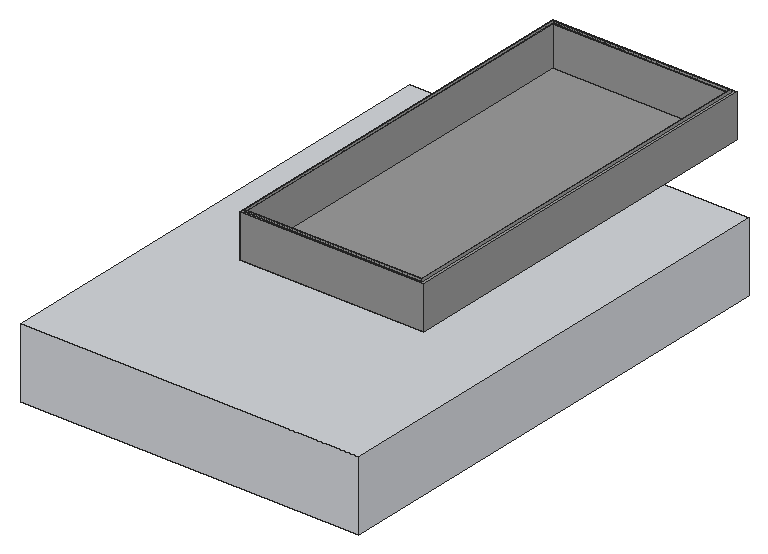
Revit family "Hager-Univers-IP30-D205-H1700-Cl.II-Encl-CH-fr", category Equipement électrique, Revit 2020
Family settings
  Hôte = Face
  Configuration du panneau = Deux colonnes, circuits au sein
  Cote de connecteur circulaire = Utiliser le diamètre
  Type d'élément = Tableau de raccordement
  Couper avec des vides une fois chargée = Non
  Partagée = Non
  Point de calcul de pièce = Non
Parameters (values of type "saillie IP30 L800 H1700 P205  - FP13S1N")
  Width Control [instance] = if([EF000008 - largeur] > Min Width, [EF000008 - largeur], Min Width)  # 800 mm
  Commentaires du type = [HG000003 - Gamme]  # "Univers"
  Thickness Door [instance] = if([EF009171 - épaisseur de matériau de la porte/du couvercle] > 3 mm, 3 mm, [EF009171 - épaisseur de matériau de la porte/du couvercle])  # 1 mm
  Seal Frame Offset [instance] = 17 mm  # constant formula
  Plinth Visibility [instance] = [HG000027 - Hauteur du socle] > 0 mm  # no
  Model = ""
  Min Width [instance] = 100 mm  # constant formula
  Min Height [instance] = 100 mm  # constant formula
  Min Depth [instance] = (2 * [EF009170 - épaisseur de matériau du boîtier]) + 1 mm  # 3 mm
  Internal Frame Depth [instance] = (Door System Depth * 0.5)  # 9 mm
  Height Control [instance] = if([EF000040 - hauteur] > Min Height, [EF000040 - hauteur], Min Height)  # 1700 mm
  HG000027 - Hauteur du socle = 0 mm
  HG000026 - Installation au sol = no
  HG000024 - Hauteur de la section basse = 800 mm
  HG000023 - Armoire double section = no
  HG000016 - Visibilité de la porte 3D [instance] = yes
  HG000015 - Visibilité de l'emprise de la porte [instance] = no
  HG000014 - Porte à droite [instance] = yes
  HG000013 - Porte à gauche [instance] = not([HG000014 - Porte à droite])  # no
  HG000012 - Angle de pivotement de la porte [instance] = 30.00°
  HG000010 - Portes asymétriques = no
  HG000009 - Porte à double battant = no
  HG000006 - Encastré = no
  HG000004 - Référence fabricant = "FP13S1N"
  HG000003 - Gamme = "Univers"
  HG000002 - avec porte = no
  Frame Offset Bottom [instance] = 10 mm  # constant formula
  Frame Offset [instance] = 15 mm  # constant formula
  EF015940 - couvercle avec décharge de pression = no
  EF011959 - degré de protection (NEMA) = ""
  EF009554 - nombre d'ouvertures pour plaques à bride = 6
  Fabricant = "Hager"  # constant formula
  EF009212 - finition du couvercle = "EV009916 - avec échancrure"
  EF009171 - épaisseur de matériau de la porte/du couvercle = 1 mm
  EF009170 - épaisseur de matériau du boîtier = 1 mm
  EF008873 - courant nominal (In) = 400 A
  EF007800 - adapté à un parafoudre = no
  EF006306 - avec serrure = no
  EF006244 - couvercle/porte transparent(e) = no
  EF005474 - indice de protection (IP) = "EV006410 - IP30"
  EF004464 - type de porte = "EV000494 - sans"
  EF004427 - nombre de modules = 396
  EF004293 - indice de protection contre les chocs (IK) = "EV006813 - IK07"
  EF003532 - convient pour utilisation à l’extérieur = no
  EF002950 - largeur en nombre de modules = 36
  EF001613 - maintien de fonction = "EV000494 - sans"
  EF001596 - matériau du boîtier/corps = "EV000179 - acier"
  EF001131 - profondeur intérieure = 130 mm
  EF001088 - possibilité de montage en saillie = yes
  EF000437 - nombre d'entrées de conduit = 6
  EF000339 - type de capot = "EV000494 - sans"
  EF000266 - nombre de rangées = 11
  EF000218 - profondeur d'encastrement = 205 mm
  EF000118 - avec cadre/support de montage = no
  EF000116 - numéro RAL = "9010"
  EF000049 - profondeur = 205 mm
  EF000040 - hauteur = 1700 mm
  EF000008 - largeur = 800 mm
  EF000007 - couleur = "EV000202 - blanc"
  EF000003 - mode de pose = "EV000384 - saillie"
  Door System Leaf Tolerance [instance] = 1.5 mm  # constant formula
  Door System Depth [instance] = 18 mm  # constant formula
  Door Height [instance] = Height Control - [HG000027 - Hauteur du socle]  # 1700 mm
  Depth Control [instance] = if([EF000049 - profondeur] > Min Depth, [EF000049 - profondeur], Min Depth)  # 205 mm
  Default Elevation = 0 mm
  Connector Offset [instance] = Height Control / 2  # 850 mm
  Bottom Top Plate Trim [instance] = 1.5 mm  # constant formula
  Plinth height Ctrl [instance] = if([HG000027 - Hauteur du socle] > 0 mm, [HG000027 - Hauteur du socle], 12 mm)  # 12 mm
Types (5, lengths in mm): name | Width Control | HG000004 - Référence fabricant | EF009554 - nombre d'ouvertures pour plaques à bride | EF008873 - courant nominal (In) | EF004427 - nombre de modules | EF002950 - largeur en nombre de modules | EF000437 - nombre d'entrées de conduit | EF000008 - largeur
  saillie IP30 L1050 H1700 P205  - FP14S1N | 1050 | "FP14S1N" | 8 | 400 A | 528 | 48 | 8 | 1050
  saillie IP30 L1300 H1700 P205  - FP15S1N | 1300 | "FP15S1N" | 10 | 400 A | 660 | 60 | 10 | 1300
  saillie IP30 L300 H1700 P205  - FP11S1N | 300 | "FP11S1N" | 2 | 250 A | 132 | 12 | 2 | 300
  saillie IP30 L550 H1700 P205  - FP12S1N | 550 | "FP12S1N" | 4 | 250 A | 264 | 24 | 4 | 550
  saillie IP30 L800 H1700 P205  - FP13S1N | 800 | "FP13S1N" | 6 | 400 A | 396 | 36 | 6 | 800
Reference planes
  plane 1 "Center (Front/Back)": y = 0
  plane 2: z = 0
  plane 3 "Center (Left/Right)": x = 0
  plane 4: z = 205
  plane 5: y = 1
  plane 6: y = 850
  plane 7: y = 0
  plane 8: y = 1700
  plane 9: z = 0
  plane 10: x = -385
  plane 11: x = 385
  plane 12: x = 384
  plane 13: x = -384
  plane 14: y = 1699
  plane 15: x = -383
  plane 16: x = -400
  plane 17: x = 383
  plane 18: x = 400
  plane 19: x = 399
  plane 20: x = -399
  plane 21: y = 11
  plane 22: y = 1700
  plane 23: y = 1684
  plane 24: z = 187
  plane 25: z = 1
  plane 26: z = 186
  plane 27: z = 204
Forms (mm)
  Extrusion 1, solid
    sketch origin (0, 0, 0) x (1, 0, 0) y (0, 1, 0)
      loop
        line (-702.964, 1305) -> (-702.964, -811.445) -> (766.763, -811.445) -> (766.763, 1305) -> (-702.964, 1305)
    from 0 to -304.8
  Extrusion 2, solid, material "Hager_Steel_RAL7035_Light_Grey", visible <- "Plinth Visibility", detail levels medium+fine
    sketch origin (0, 0, 0) x (1, 0, 0) y (0, 1, 0)
      loop
        line (-400, 0) -> (400, 0) -> (400, 12) -> (-400, 12) -> (-400, 0)
    from 0 to 187
  Extrusion 3, solid, material "Hager_Steel_RAL7035_Light_Grey", detail levels medium+fine
    sketch origin (0, 0, 0) x (1, 0, 0) y (0, 1, 0)
      loop
        line (-400, 0) -> (400, 0) -> (400, 1700) -> (-400, 1700) -> (-400, 0)
    from 0 to 187
  Extrusion 4, void
    sketch origin (0, 0, 0) x (1, 0, 0) y (0, 1, 0)
      loop
        line (-399, 1) -> (399, 1) -> (399, 1699) -> (-399, 1699) -> (-399, 1)
    from 1 to 186
  Extrusion 5, void
    sketch origin (-381.607, -4572, 187) x (0, -1, 0) y (-1, 0, 0)
      loop
        line (-4583, 2.393) -> (-6256, 2.393) -> (-6256, -765.607) -> (-4583, -765.607) -> (-4583, 2.393)
    from 0 to 1 <- "EF009170 - épaisseur de matériau du boîtier"
  Extrusion 6, solid, material "Hager_Steel_RAL7035_Light_Grey", detail levels fine
    sketch origin (0, 0, 187) x (1, 0, 0) y (0, 1, 0)
      loop
        line (-384, 1684) -> (-384, 11) -> (384, 11) -> (384, 1684) -> (-384, 1684)
      loop
        line (-385, 10) -> (385, 10) -> (385, 1685) -> (-385, 1685) -> (-385, 10)
    from 0 to 9 <- "Internal Frame Depth"
  Extrusion 7, solid, material "Hager_Steel_RAL7035_Light_Grey", detail levels coarse
    sketch origin (0, 0, 0) x (1, 0, 0) y (0, 1, 0)
      loop
        line (-400, 0) -> (400, 0) -> (400, 1700) -> (-400, 1700) -> (-400, 0)
    from 0 to 205
  Sweep 8, void
    path in 3D
      loop
        line (-400, 12, 0) -> (400, 12, 0) -> (400, 12, 187) -> (-400, 12, 187) -> (-400, 12, 0)
    profile origin (-400, 12, 93.5) x (-1, 0, 0) y (0, -1, 0)
      loop
        line (0, 0) -> (0, 1.5) -> (-1.5, 1.5)
        arc (-1.5, 1.5) -> (-1.061, 0.439) -> (0, 0) r 1.5
Cuts and joins
  Extrusion 4, Extrusion 5 cuts Extrusion 3
  Sweep 8 cuts Extrusion 2
Lines and regions (mm)
  Masking region 1
    outline origin (0, 0, 0) x (1, 0, 0) y (0, 0, 1)
      loop
        line (-400, 205) -> (-400, 0) -> (400, 0) -> (400, 205) -> (-400, 205)
  Masking region 2, detail levels medium+fine
    outline origin (0, 140, 0) x (0, 1, 0) y (0, 0, 1)
      loop
        line (-140, 0) -> (1560, 0) -> (1560, 187) -> (-140, 187) -> (-140, 0)
  Masking region 3, not visible, detail levels medium+fine
    outline origin (0, 297.922, 0) x (0, 1, 0) y (0, 0, 1)
      loop
        line (563.578, 0) -> (603.578, 0) -> (603.578, 194)
        arc (603.578, 194) -> (600.649, 201.071) -> (593.578, 204) r 10
        line (593.578, 204) -> (563.578, 204) -> (563.578, 0)
  Masking region 4, detail levels coarse
    outline origin (0, 0, 180) x (0, 1, 0) y (0, 0, 1)
      loop
        line (0, -180) -> (1700, -180) -> (1700, 25) -> (0, 25) -> (0, -180)
  Masking region 5, visible <- "Plinth Visibility", detail levels medium+fine
    outline origin (0, 52.24, 12.345) x (0, 0, -1) y (0, 1, 0)
      loop
        line (10.845, -40.24) -> (-173.155, -40.24)
        arc (-173.155, -40.24) -> (-173.594, -41.301) -> (-174.655, -41.74) r 1.5
        line (-174.655, -41.74) -> (-174.655, -52.24) -> (12.345, -52.24) -> (12.345, -41.74)
        arc (12.345, -41.74) -> (11.285, -41.301) -> (10.845, -40.24) r 1.5
  Masking region 6, detail levels medium+fine
    outline origin (-381.607, -4572, 187) x (-1, 0, 0) y (0, -1, 0)
      loop
        line (18.393, -6272) -> (18.393, -4572) -> (-781.607, -4572) -> (-781.607, -6272) -> (18.393, -6272)
  Masking region 7, visible <- "Plinth Visibility", detail levels medium+fine
    outline origin (-381.607, -4727, 187) x (-1, 0, 0) y (0, -1, 0)
      loop
        arc (16.893, -4739) -> (17.332, -4737.939) -> (18.393, -4737.5) r 1.5
        line (18.393, -4737.5) -> (18.393, -4727) -> (-781.607, -4727) -> (-781.607, -4737.5)
        arc (-781.607, -4737.5) -> (-780.546, -4737.939) -> (-780.107, -4739) r 1.5
        line (-780.107, -4739) -> (16.893, -4739)
  Masking region 8, detail levels coarse
    outline origin (-442.548, -4669.526, 187) x (-1, 0, 0) y (0, -1, 0)
      loop
        line (-42.548, -6369.526) -> (-42.548, -4669.526) -> (-842.548, -4669.526) -> (-842.548, -6369.526) -> (-42.548, -6369.526)
  sketch lines
    curve 1: line (-400, 12, 187) -> (-400, 12, 0)
    curve 2: line (400, 12, 187) -> (-400, 12, 187)
    curve 3: line (400, 12, 187) -> (400, 12, 0)
    curve 4: line (-400, 12, 0) -> (400, 12, 0)
Dimensions and locks
  "Depth Control": plane 4 to Extrusion 1
  "HG000027 - Hauteur du socle": plane 1 "Center (Front/Back)" to plane 7
  "EF009170 - épaisseur de matériau du boîtier": plane 5 to plane 7
  locked: connector elem to plane 3 "Center (Left/Right)"
  equal spacing: plane 8, plane 6, plane 7
  locked: connector elem to plane 6
  "EF009170 - épaisseur de matériau du boîtier": plane 8 to plane 14
  "EF009170 - épaisseur de matériau du boîtier": plane 10 to plane 13
  "EF009170 - épaisseur de matériau du boîtier": plane 12 to plane 11
  "Frame Offset": plane 20 to plane 13
  "Frame Offset": plane 12 to plane 19
  "EF009170 - épaisseur de matériau du boîtier": plane 16 to plane 20
  "EF009170 - épaisseur de matériau du boîtier": plane 19 to plane 18
  "Seal Frame Offset": plane 16 to plane 15
  "Seal Frame Offset": plane 17 to plane 18
  "Frame Offset Bottom": plane 21 to plane 5
  "Frame Offset": plane 14 to plane 23
  equal spacing: plane 16, plane 3 "Center (Left/Right)", plane 18
  "Width Control": plane 16 to plane 18
  "EF009170 - épaisseur de matériau du boîtier": plane 4 to plane 27
  "EF009170 - épaisseur de matériau du boîtier": plane 24 to plane 26
  "EF009170 - épaisseur de matériau du boîtier": plane 25 to level
  "Door System Depth": plane 4 to plane 24
  "Height Control": plane 1 "Center (Front/Back)" to Extrusion 7 sketch curve
  "Height Control": Masking region 4 sketch curve to plane 1 "Center (Front/Back)"
  "Height Control": plane 1 "Center (Front/Back)" to plane 22
  "Bottom Top Plate Trim": profile plane to Sweep 8 sketch curve
  "Bottom Top Plate Trim": Sweep 8 sketch curve to profile plane
  "Plinth height Ctrl": plane 1 "Center (Front/Back)" to Extrusion 2 sketch curve
  "Plinth height Ctrl": Masking region 5 sketch curve to plane 1 "Center (Front/Back)"
  "Plinth height Ctrl": plane 1 "Center (Front/Back)" to Masking region 7 sketch curve
  "Thickness Door": Extrusion 6 sketch curve to Extrusion 6 sketch curve  (x3)
  "Thickness Door": cut or joined group of Extrusion 3, Extrusion 4, Extrusion 5 to Extrusion 6 sketch curve
  radius of Masking region 3 sketch curve = 10 mm
  "Bottom Top Plate Trim": radius of Masking region 5 sketch curve  (x2)
  "Bottom Top Plate Trim": radius of Sweep 8 sketch curve
  "Bottom Top Plate Trim": radius of Masking region 7 sketch curve  (x2)
  aligned and locked: plane 2 to Extrusion 1
  aligned and locked: level to Extrusion 1
  aligned and locked: level to Masking region 1 sketch curve
  aligned and locked: Masking region 1 sketch curve to plane 18
  aligned and locked: Masking region 1 sketch curve to plane 16
  aligned and locked: plane 7 to Masking region 2 sketch curve
  aligned and locked: level to Masking region 3 sketch curve
  aligned and locked: Masking region 3 sketch curve to plane 27
  aligned and locked: level to Masking region 2 sketch curve
  aligned and locked: plane 1 "Center (Front/Back)" to Extrusion 2 sketch curve
  aligned and locked: Extrusion 3 sketch curve to plane 7
  aligned and locked: plane 16 to Extrusion 3 sketch curve
  aligned and locked: plane 18 to Extrusion 3 sketch curve
  aligned and locked: plane 20 to Extrusion 4 sketch curve
  aligned and locked: plane 19 to Extrusion 4 sketch curve
  aligned and locked: Extrusion 4 sketch curve to plane 5
  aligned and locked: Extrusion 4 to plane 25
  aligned and locked: plane 26 to Extrusion 4
  aligned and locked: plane 24 to Extrusion 3
  aligned and locked: Extrusion 5 sketch curve to plane 21
  aligned and locked: Extrusion 5 sketch curve to plane 13
  aligned and locked: Extrusion 5 sketch curve to plane 12
  aligned and locked: plane 18 to Extrusion 7 sketch curve
  aligned and locked: plane 1 "Center (Front/Back)" to Extrusion 7 sketch curve
  aligned and locked: plane 16 to Extrusion 7 sketch curve
  aligned and locked: plane 4 to Extrusion 7
  aligned and locked: Extrusion 7 to level
  aligned and locked: level to Masking region 4 sketch curve
  aligned and locked: Masking region 4 sketch curve to plane 1 "Center (Front/Back)"
  aligned and locked: Masking region 4 sketch curve to plane 4
  aligned and locked: nested 1 to level
  aligned and locked: nested 1 to plane 16
  aligned and locked: plane 8 to Extrusion 3 sketch curve
  aligned and locked: plane 23 to Extrusion 5 sketch curve
  aligned and locked: plane 14 to Extrusion 4 sketch curve
  aligned and locked: Masking region 2 sketch curve to plane 8
  aligned and locked: level to Masking region 5 sketch curve
  aligned and locked: plane 16 to Extrusion 2 sketch curve
  aligned and locked: plane 18 to Extrusion 2 sketch curve
  aligned and locked: Masking region 5 sketch curve to plane 24
  aligned and locked: Masking region 2 sketch curve to plane 24
  aligned and locked: plane 24 to Extrusion 2
  aligned and locked: profile plane to Sweep 8 sketch curve  (x2)
  aligned and locked: Masking region 6 sketch curve to plane 18
  aligned and locked: Masking region 6 sketch curve to plane 22
  aligned and locked: Masking region 6 sketch curve to plane 16
  aligned and locked: plane 8 to plane 22
  aligned and locked: Masking region 6 sketch curve to plane 7
  aligned and locked: Masking region 7 sketch curve to plane 16
  aligned and locked: Masking region 7 sketch curve to plane 1 "Center (Front/Back)"
  aligned and locked: Masking region 7 sketch curve to plane 18
  aligned and locked: Masking region 8 sketch curve to plane 1 "Center (Front/Back)"
  aligned and locked: Masking region 8 sketch curve to plane 18
  aligned and locked: Masking region 8 sketch curve to plane 22
  aligned and locked: Masking region 8 sketch curve to plane 16
  aligned and locked: nested 2 to plane 7
  aligned and locked: plane 3 "Center (Left/Right)" to nested 2
  aligned and locked: nested 2 to plane 24
  aligned and locked: Extrusion 6 sketch curve to cut or joined group of Extrusion 3, Extrusion 4, Extrusion 5  (x4)
Automatic sketch dimensions
  Extrusion 1 sketch curve to Extrusion 1 sketch curve = 1469.727 mm
  Extrusion 1 sketch curve to Extrusion 1 sketch curve = 2116.445 mm
  Masking region 1 sketch curve to plane 4 = 0 mm
  plane 6 to Masking region 3 sketch curve = 11.5 mm
  Masking region 3 sketch curve to Masking region 3 sketch curve = 30 mm
  Masking region 5 sketch curve to plane 1 "Center (Front/Back)" = 0 mm
Nested families
  nested 1: "Hager_Enclosure_Symbol" at (-400, 0, 0) x (1, 0, 0) z (0, -1, 0), Height <- "Depth Control", Width <- "Width Control", type "Hager_Enclosure_Symbol"
    with Width_Ctrl 800 mm, Width 800 mm, Height_Ctrl 205 mm, Height 205 mm, A_Width_Int 13.453 mm, A_Width 161.438 mm, A_Height_Ctrl 179.375 mm, A_Height 179.375 mm
  nested 2: "EC000058_Univers_Door" at (0, 0, 187) x (1, 0, 0) z (0, 1, 0), Leaf_Tolerance <- "Door System Leaf Tolerance", Angle <- "HG000012 - Angle de pivotement de la porte", Door_Depth <- "Door System Depth", Door_Left <- "HG000013 - Porte à gauche", Transparent <- "EF006244 - couvercle/porte transparent(e)", Assymetrical <- "HG000010 - Portes asymétriques", Width <- "Width Control", Clearance <- "HG000015 - Visibilité de l'emprise de la porte", Double <- "HG000009 - Porte à double battant", 3d_Door <- "HG000016 - Visibilité de la porte 3D", Lock_Visibility <- "EF006306 - avec serrure", Width_Ctrl <- "Width Control", Door_Right <- "HG000014 - Porte à droite", Door <- "HG000002 - avec porte", Height <- "Door Height", Thickness <- "Thickness Door", type "EC000058_Univers_Door", detail levels medium+fine
    with min_wh 3 mm, Width_Ctrl 800 mm, Width 800 mm, Transparent no, Thickness 1 mm, Seal_Material Hager_Rubber, Lock_Visibility no, Lock_Material Hager_Plastic_RAL9005_Jet_Black, Leaf_Width 800 mm, Leaf_Tolerance_External_Sides 0 mm, Leaf_Tolerance 1.5 mm, Leaf_Offset 0 mm, Leaf_Height 1697 mm, Leaf_2_Width 800 mm, Leaf_2_Offset 400 mm, Leaf_1_Width 800 mm, Leaf_1_Offset 400 mm, Height_Ctrl 1700 mm, Height 1700 mm, Glass_Material Hager_Glass, Double_Clearance_Ctrl no, Double no, Door_Right_Ctrl no, Door_Right yes, Door_Material Hager_Steel_RAL7035_Light_Grey, Door_Left_Ctrl no, Door_Left no, Door_Depth 18 mm, Door no, Clearance_Material Hager_Clearance, Clearance_Depth 800 mm, Clearance_Ctrl no, Clearance no, Assymetrical no, Angle 30.00°, 3d_Door yes
Connectors
  electrical at (0, 850, 0)
    settings: on plane 9, index 1, voltage 0 V, apparent load 0 VA, apparent load phase1 0 VA, apparent load phase2 0 VA, apparent load phase3 0 VA, power factor 1, load classification "Other", number of poles 1, system type 30, power factor state 1, is connector primary yes, connector utility no, sub classification motor no, connector description ""
Definition of nested family "Hager_Enclosure_Symbol"
  Parameters (values of type "Hager_Enclosure_Symbol")
    Width_Ctrl [instance] = if(Width > 1 mm, Width, 1 mm)  # 102.27 mm
    Width [instance] = 102.27 mm
    Height_Ctrl [instance] = if(Height > 1 mm, Height, 1 mm)  # 66.5 mm
    A_Width_Int [instance] = if(A_Width / 12 > 2 mm, A_Width / 12, 2 mm)  # 4.364 mm
    A_Width [instance] = if(A_Height_Ctrl * 0.9 > 2 mm, A_Height_Ctrl * 0.9, 2 mm)  # 52.369 mm
    A_Height_Ctrl [instance] = if(A_Height > 2 mm, A_Height, 2 mm)  # 58.188 mm
    Height [instance] = 66.5 mm
    A_Height [instance] = Height - (Height / 8)  # 58.188 mm
  Reference planes
    plane 1 "Centre (avant/arrière)": y = 0
    plane 2: z = 0
    plane 3 "Centre (gauche/droite)": x = 0
    plane 4: x = 52.369
    plane 5: y = 33.042
    plane 6: y = 41.77
    plane 7: y = 66.5
    plane 8: x = 26.184
    plane 9: y = 37.406
    plane 10: x = 102.27
    plane 11: y = 66.5
    plane 12: y = 8.313
  Lines and regions (mm)
    Filled region 1, type "Solid_Black", in view "Niveau de réf."
      outline origin (0, 0, 0) x (1, 0, 0) y (0, 1, 0)
        loop
          line (52.369, 66.5) -> (33.188, 54.536) -> (45.365, 45.006) -> (52.369, 66.5)
    Filled region 2, type "Solid_Black", in view "Niveau de réf."
      outline origin (0, 0, 0) x (1, 0, 0) y (0, 1, 0)
        loop
          line (0, 0) -> (102.27, 0) -> (102.27, 66.5) -> (0, 0)
    detail lines, in view "Niveau de réf."
      curve 1: line (0, 8.313, 0) -> (26.184, 41.77, 0)
      curve 2: line (26.184, 41.77, 0) -> (26.184, 33.042, 0)
      curve 3: line (26.184, 33.042, 0) -> (52.369, 66.5, 0)
  Dimensions and locks
    "A_Width": plane 3 "Centre (gauche/droite)" to plane 4
    equal spacing: plane 3 "Centre (gauche/droite)", plane 8, plane 4
    equal spacing: plane 6, plane 9, plane 5
    equal spacing: curve 3, Filled region 1 sketch curve, Filled region 1 sketch curve
    "Height_Ctrl": plane 1 "Centre (avant/arrière)" to plane 11
    "A_Height_Ctrl": plane 11 to plane 12
    equal spacing: plane 11, plane 9, plane 12
    "A_Width_Int": plane 6 to plane 9
    "Width_Ctrl": plane 3 "Centre (gauche/droite)" to plane 10
    angle Filled region 1 sketch curve to curve 3 = 20.00°
    angle curve 3 to Filled region 1 sketch curve = 20.00°
    locked: curve 3 to Filled region 1 sketch curve (angle 90.00°)
    aligned and locked: plane 10 to Filled region 2
    aligned and locked: plane 11 to Filled region 2 sketch curve
    aligned and locked: plane 10 to Filled region 2 sketch curve
    aligned and locked: plane 3 "Centre (gauche/droite)" to curve 1
    aligned and locked: plane 12 to curve 1
    aligned and locked: plane 7 to plane 11
  Automatic sketch dimensions
    Filled region 1 sketch curve to plane 4 = 0 mm
    Filled region 1 sketch curve to plane 7 = 0 mm
    plane 1 "Centre (avant/arrière)" to Filled region 2 sketch curve = 0 mm
    Filled region 2 sketch curve to plane 3 "Centre (gauche/droite)" = 0 mm
    curve 2 to plane 6 = 0 mm
    curve 2 to plane 8 = 0 mm
    curve 3 to plane 4 = 0 mm
    curve 2 to plane 5 = 0 mm
    curve 3 to plane 7 = 0 mm
Definition of nested family "EC000058_Univers_Door"
  Parameters (values of type "EC000058_Univers_Door")
    min_wh [instance] = (2 * Thickness) + 1 mm  # 11 mm
    Width_Ctrl [instance] = 400 mm
    Width [instance] = 500 mm
    Transparent [instance] = yes
    Thickness [instance] = 5 mm
    Seal_Material [instance] = none
    Lock_Visibility [instance] = yes
    Lock_Material [instance] = none
    Leaf_Width [instance] = if((Width_Ctrl - 2 * Leaf_Tolerance_External_Sides) > 0 mm, (Width_Ctrl - 2 * Leaf_Tolerance_External_Sides), min_wh)  # 400 mm
    Leaf_Tolerance_External_Sides [instance] = 0 mm  # constant formula
    Leaf_Tolerance [instance] = 1.5 mm
    Leaf_Offset [instance] = 0 mm  # constant formula
    Leaf_Height [instance] = if((Height_Ctrl - 2 * Leaf_Tolerance) > 0 mm, (Height_Ctrl - 2 * Leaf_Tolerance), min_wh)  # 497 mm
    Leaf_2_Width [instance] = if(and(and(Double, Assymetrical), Door_Left), (Leaf_Width / 3) - (Leaf_Tolerance / 2), if(and(and(Double, Assymetrical), Door_Right), (Leaf_Width / 3) * 2 - (Leaf_Tolerance / 2), if(and(Double, not(Assymetrical)), (Leaf_Width / 2) - Leaf_Tolerance, Leaf_Width)))  # 400 mm
    Leaf_2_Offset [instance] = if(and(Double, Assymetrical), Leaf_2_Width / 2, if(and(Double, not(Assymetrical)), Leaf_Width / 4, Leaf_Width / 2))  # 200 mm
    Leaf_1_Width [instance] = if(and(and(Double, Assymetrical), Door_Right), (Leaf_Width / 3) - (Leaf_Tolerance / 2), if(and(and(Double, Assymetrical), Door_Left), (Width / 3) * 2 - (Leaf_Tolerance / 2), if(and(Double, not(Assymetrical)), (Leaf_Width / 2) - Leaf_Tolerance, Leaf_Width)))  # 400 mm
    Leaf_1_Offset [instance] = if(and(Double, Assymetrical), Leaf_1_Width / 2, if(and(Double, not(Assymetrical)), Leaf_Width / 4, Leaf_Width / 2))  # 200 mm
    Height_Ctrl [instance] = if(Height > min_wh, Height, min_wh)  # 500 mm
    Height [instance] = 500 mm
    Glass_Material [instance] = none
    Double_Clearance_Ctrl [instance] = and(Double, Clearance)  # no
    Double [instance] = no
    Door_Right_Ctrl [instance] = and(or(Door_Right, Double), Door)  # yes
    Door_Right [instance] = yes
    Door_Material [instance] = none
    Door_Left_Ctrl [instance] = and(or(Door_Left, Double), Door)  # no
    Door_Left [instance] = no
    Door_Depth [instance] = 30 mm
    Door [instance] = yes
    Default Elevation = 1219.2 mm
    Clearance_Material [instance] = none
    Clearance_Depth [instance] = if(Leaf_1_Width > Leaf_2_Width, Leaf_1_Width, Leaf_2_Width)  # 400 mm
    Clearance_Ctrl [instance] = and(not(Double), Clearance)  # yes
    Clearance [instance] = yes
    Assymetrical [instance] = yes
    Angle [instance] = 30.00°
    3d_Door [instance] = yes
  Reference planes
    plane 1 "Center (Front/Back)": y = 0
    plane 2 "Bottom": z = 0
    plane 3 "Center (Left/Right)": x = 0
    plane 4: z = 500
    plane 5: x = -200
    plane 6: x = 200
    plane 7: z = 500
    plane 8: x = -200
    plane 9: z = 0
    plane 10: x = 200
    plane 11: y = 0
    plane 12: z = 1.5
    plane 13: x = -600
    plane 14: y = -400
    plane 15: x = 600
    plane 16: x = 0
    plane 17: x = 0
    plane 18: x = -200
    plane 19: x = 200
    plane 20: z = 498.5
  Forms (mm)
    Extrusion 1, solid, material <- "Clearance_Material", visible <- "Double_Clearance_Ctrl"
      sketch origin (1200, 0, 0) x (1, 0, 0) y (0, 0, -1)
        loop
          line (-1800, -498.5) -> (-600, -498.5) -> (-600, 0) -> (-1800, 0) -> (-1800, -498.5)
      from 0 to -400
  Dimensions and locks
    equal spacing: plane 5, plane 3 "Center (Left/Right)", plane 6
    "Width_Ctrl": plane 5 to plane 6
    "Leaf_Offset": plane 5 to plane 8
    "Leaf_Offset": plane 6 to plane 10
    "Leaf_Offset": plane 9 to level
    "Leaf_Offset": plane 4 to plane 7
    "Height_Ctrl": plane 4 to level
    "Leaf_Tolerance": plane 12 to plane 9
    locked: plane 11 to plane 1 "Center (Front/Back)"
    "Leaf_1_Offset": plane 18 to plane 16
    "Leaf_2_Offset": plane 17 to plane 19
    "Leaf_1_Width": plane 13 to plane 8
    "Leaf_2_Width": plane 10 to plane 15
    "Clearance_Depth": plane 14 to plane 1 "Center (Front/Back)"
    "Leaf_Tolerance_External_Sides": plane 8 to plane 18
    "Leaf_Tolerance_External_Sides": plane 19 to plane 10
    "Leaf_Tolerance": plane 7 to plane 20
    aligned and locked: level to plane 2 "Bottom"
    aligned and locked: nested 1 to plane 16
    aligned and locked: nested 2 to plane 17
    aligned and locked: Extrusion 1 to plane 13
    aligned and locked: plane 15 to Extrusion 1
    aligned and locked: Extrusion 1 to plane 14
    aligned and locked: plane 12 to nested 1
    aligned and locked: nested 2 to plane 12
    aligned and locked: Extrusion 1 to plane 11
    aligned and locked: plane 20 to Extrusion 1
    aligned and locked: nested 2 to plane 11
    aligned and locked: nested 1 to plane 11
  Automatic sketch dimensions
    Extrusion 1 sketch curve to level = 0 mm
    plane 5 to Extrusion 1 sketch curve = 400 mm
    plane 6 to Extrusion 1 sketch curve = 400 mm
    Extrusion 1 sketch curve to plane 4 = 1.5 mm
  Nested families
    nested 1: "EC000058_Univers_Door_Leaf" at (0, 0, 1.5), Width <- "Leaf_1_Width", visible <- "Door_Left_Ctrl", Leaf_Height <- "Leaf_Height", Angle <- "Angle", 3d_Door <- "3d_Door", Transparent <- "Transparent", Clearance Material <- "Clearance_Material", Clearance <- "Clearance_Ctrl", Door_Material <- "Door_Material", Glass_Material <- "Glass_Material", Door_Depth <- "Door_Depth", Lock_Material <- "Lock_Material", Seal_Material <- "Seal_Material", Lock_Visibility <- "Lock_Visibility", Thickness <- "Thickness", type "EC000058_Univers_Door_Leaf"
      with Width 400 mm, Transparent_Glass_Offset 30 mm, Transparent_Ctrl yes, Transparent yes, Thickness 5 mm, Standard no, Seal_Material none, Seal_D2 8 mm, Seal_D1 1 mm, Offset_Internal_Frame 10 mm, Lock_Width 20 mm, Lock_Visibility_3d yes, Lock_Visibility yes, Lock_Thickness_3 3 mm, Lock_Thickness_2 1 mm, Lock_Thickness_1 3 mm, Lock_Radius_Offset_2 16 mm, Lock_Radius_Offset_1 15 mm, Lock_Radius_2 5 mm, Lock_Radius 6 mm, Lock_Offset 5 mm, Lock_Material none, Lock_Height 80 mm, Lock_Cover_Top_Offset_2d 17 mm, Lock_Cover_Height -65 mm, Leaf_Height 497 mm, Internal_Seal_Thickness 8 mm, Internal_Seal_Depth_2 4.5 mm, Internal_Frame_Depth 25 mm, Glass_Thickness -1 mm, Glass_Offset -2 mm, Glass_Material none, Door_Material none, Door_Depth 30 mm, Clearance Material none, Clearance yes, Angle_Ctrl 30.00°, Angle 30.00°, 3d_Door yes
    nested 2: "EC000058_Univers_Door_Leaf" at (0, 0, 1.5) x (-1, 0, 0) z (0, 0, 1), Width <- "Leaf_2_Width", visible <- "Door_Right_Ctrl", Leaf_Height <- "Leaf_Height", Angle <- "Angle", 3d_Door <- "3d_Door", Transparent <- "Transparent", Clearance Material <- "Clearance_Material", Clearance <- "Clearance_Ctrl", Door_Material <- "Door_Material", Glass_Material <- "Glass_Material", Door_Depth <- "Door_Depth", Lock_Material <- "Lock_Material", Seal_Material <- "Seal_Material", Lock_Visibility <- "Lock_Visibility", Thickness <- "Thickness", type "EC000058_Univers_Door_Leaf"
      with Width 400 mm, Transparent_Glass_Offset 30 mm, Transparent_Ctrl yes, Transparent yes, Thickness 5 mm, Standard no, Seal_Material none, Seal_D2 8 mm, Seal_D1 1 mm, Offset_Internal_Frame 10 mm, Lock_Width 20 mm, Lock_Visibility_3d yes, Lock_Visibility yes, Lock_Thickness_3 3 mm, Lock_Thickness_2 1 mm, Lock_Thickness_1 3 mm, Lock_Radius_Offset_2 16 mm, Lock_Radius_Offset_1 15 mm, Lock_Radius_2 5 mm, Lock_Radius 6 mm, Lock_Offset 5 mm, Lock_Material none, Lock_Height 80 mm, Lock_Cover_Top_Offset_2d 17 mm, Lock_Cover_Height -65 mm, Leaf_Height 497 mm, Internal_Seal_Thickness 8 mm, Internal_Seal_Depth_2 4.5 mm, Internal_Frame_Depth 25 mm, Glass_Thickness -1 mm, Glass_Offset -2 mm, Glass_Material none, Door_Material none, Door_Depth 30 mm, Clearance Material none, Clearance yes, Angle_Ctrl 30.00°, Angle 30.00°, 3d_Door yes
  Definition of nested family "EC000058_Univers_Door_Leaf"
    Parameters (values of type "EC000058_Univers_Door_Leaf")
      Width [instance] = 2000 mm
      Transparent_Glass_Offset [instance] = 30 mm
      Transparent_Ctrl [instance] = and(Transparent, [3d_Door])  # yes
      Transparent [instance] = yes
      Thickness [instance] = 5 mm
      Standard [instance] = and(not(Transparent), [3d_Door])  # no
      Seal_Material [instance] = none
      Seal_D2 [instance] = 8 mm  # constant formula
      Seal_D1 [instance] = 1 mm  # constant formula
      Offset_Internal_Frame [instance] = 10 mm  # constant formula
      Lock_Width [instance] = 20 mm  # constant formula
      Lock_Visibility_3d [instance] = and(Lock_Visibility, [3d_Door])  # yes
      Lock_Visibility [instance] = yes
      Lock_Thickness_3 [instance] = 3 mm  # constant formula
      Lock_Thickness_2 [instance] = 1 mm  # constant formula
      Lock_Thickness_1 [instance] = 3 mm  # constant formula
      Lock_Radius_Offset_2 [instance] = Lock_Radius_Offset_1 + 1 mm  # 16 mm
      Lock_Radius_Offset_1 [instance] = 15 mm  # constant formula
      Lock_Radius_2 [instance] = Lock_Radius - 1 mm  # 5 mm
      Lock_Radius [instance] = 6 mm  # constant formula
      Lock_Offset [instance] = 5 mm  # constant formula
      Lock_Material [instance] = none
      Lock_Height [instance] = 80 mm  # constant formula
      Lock_Cover_Top_Offset_2d [instance] = Lock_Radius_Offset_2 + 1 mm  # 17 mm
      Lock_Cover_Height [instance] = -(Lock_Height - Lock_Radius_Offset_1)  # -65 mm
      Leaf_Height [instance] = 2720.336 mm
      Internal_Seal_Thickness [instance] = 8 mm  # constant formula
      Internal_Seal_Depth_2 [instance] = 4.5 mm  # constant formula
      Internal_Frame_Depth [instance] = if(Door_Depth - Thickness > 5 mm, Door_Depth - Thickness, 5 mm)  # 25 mm
      Glass_Thickness [instance] = if(Thickness > 15 mm, Glass_Offset + 10 mm, -1 mm)  # -1 mm
      Glass_Offset [instance] = if(Thickness > 15 mm, -(Thickness + 10 mm) / 2, -2 mm)  # -2 mm
      Glass_Material [instance] = none
      Door_Material [instance] = none
      Door_Depth [instance] = 30 mm
      Default Elevation = 0 mm
      Clearance Material [instance] = none
      Clearance [instance] = yes
      Angle_Ctrl [instance] = if(Angle > 180.00°, 180.00°, Angle)  # 90.00°
      Angle [instance] = 90.00°
      3d_Door [instance] = yes
    Reference planes
      plane 1 "Center (Front/Back)": y = 0
      plane 2: z = 0
      plane 3 "Center (Left/Right)": x = 0
      plane 4: y = 2000
      plane 5: x = -1000
      plane 6: x = 1000
      plane 7: x = -3000
      plane 8: z = 2720.336
      plane 9: z = 30
      plane 10: z = 2690.336
      plane 11: x = 970
      plane 12: x = -970
      plane 13: y = -3
      plane 14: z = 107.833
      plane 15: y = -5
      plane 16: y = -223.314
      plane 17: x = -1000
      plane 18: z = 1360.168
      plane 19: y = 30
    Forms (mm)
      Extrusion 1, solid, material <- "Clearance Material", visible <- "Clearance"
        sketch origin (0, 0, 0) x (1, 0, 0) y (0, 0, 1)
          loop
            line (-3000, 2720.336) -> (-3000, 0) -> (1000, 0) -> (1000, 2720.336) -> (-3000, 2720.336)
        from 0 to -2000
      Extrusion 2, solid, material <- "Door_Material", visible <- "Standard", detail levels medium+fine
        sketch origin (-1000, 0, 0) x (0, 1, 0) y (-1, 0, 0)
          loop
            line (0, 30) -> (0, 25) -> (2000, 25) -> (2000, 30) -> (0, 30)
        from 0 to 2720.336 <- "Leaf_Height"
      Extrusion 3, solid, material <- "Door_Material", visible <- "Transparent_Ctrl", detail levels medium+fine
        sketch origin (-1000, 0, 0) x (0, 1, 0) y (-1, 0, 0)
          loop
            line (0, 25) -> (2000, 25) -> (2000, 30) -> (0, 30) -> (0, 25)
        from 0 to 2720.336 <- "Leaf_Height"
      Extrusion 4, void
        sketch origin (-1025, 2000, 0) x (0, 1, 0) y (0, 0, -1)
          loop
            line (-30, -2690.336) -> (-30, -30) -> (-1970, -30) -> (-1970, -2690.336) -> (-30, -2690.336)
        from 0 to 5 <- "Thickness"
      Sweep 5, solid, material <- "Seal_Material", visible <- "Transparent_Ctrl", detail levels fine
        path in 3D
          loop
            line (-1025, 30, 30) -> (-1025, 30, 2690.336) -> (-1025, 1970, 2690.336) -> (-1025, 1970, 30) -> (-1025, 30, 30)
        profile origin (-1025, 1000, 30) x (1, 0, 0) y (0, 0, 1)
          loop
            line (0, 0) -> (0, -8) -> (1, -8) -> (1, 0) -> (0, 0)
      Extrusion 6, solid, material <- "Glass_Material", visible <- "Transparent_Ctrl", detail levels medium+fine
        sketch origin (-1030, 0, 0) x (0, 1, 0) y (0, 0, -1)
          loop
            line (1970, -2690.336) -> (1970, -30) -> (30, -30) -> (30, -2690.336) -> (1970, -2690.336)
        from -2 <- "Glass_Offset" to -1 <- "Glass_Thickness"
      Extrusion 7, solid, material <- "Door_Material", visible <- "3d_Door", detail levels medium+fine
        sketch origin (-1025, 2000, 0) x (0, -1, 0) y (0, 0, -1)
          loop
            line (0, -2720.336) -> (2000, -2720.336) -> (2000, 0) -> (0, 0) -> (0, -2720.336)
          loop
            line (1995, -5) -> (5, -5) -> (5, -2715.336) -> (1995, -2715.336) -> (1995, -5)
        from 0 to 25 <- "Internal_Frame_Depth"
      Sweep 8, solid, material <- "Seal_Material", visible <- "Transparent_Ctrl", detail levels fine
        path in 3D
          loop
            line (-1025, 0, 0) -> (-1025, 2000, 0) -> (-1025, 2000, 2720.336) -> (-1025, 0, 2720.336) -> (-1025, 0, 0)
        profile origin (-1025, 0, 1360.168) x (1, 0, 0) y (0, 1, 0)
          loop
            line (0, 10) -> (2.975, 10)
            arc (2.975, 10) -> (4.053, 10.447) -> (4.5, 11.525) r 1.525
            line (4.5, 11.525) -> (4.5, 16.527)
            arc (4.5, 16.527) -> (4.069, 17.569) -> (3.027, 18) r 1.473
            line (3.027, 18) -> (0, 18) -> (0, 10)
      Extrusion 9, solid, material <- "Lock_Material", visible <- "Lock_Visibility_3d", detail levels fine
        sketch origin (-1030, 0, 0) x (0, 1, 0) y (0, 0, -1)
          loop
            arc (1993.5, -1400.168) -> (1994.561, -1399.729) -> (1995, -1398.668) r 1.5
            line (1995, -1398.668) -> (1995, -1320.168) -> (1975, -1320.168) -> (1975, -1398.668)
            arc (1975, -1398.668) -> (1975.439, -1399.729) -> (1976.5, -1400.168) r 1.5
            line (1976.5, -1400.168) -> (1993.5, -1400.168)
        from 3 <- "Lock_Thickness_1" to 0
      Blend 10, solid, material <- "Lock_Material", visible <- "Lock_Visibility_3d", detail levels fine
        base sketch origin (-1033, 0, 0) x (0, 1, 0) y (0, 0, -1)
          loop
            line (1975, -1320.168) -> (1975, -1398.668)
            arc (1975, -1398.668) -> (1975.439, -1399.729) -> (1976.5, -1400.168) r 1.5
            line (1976.5, -1400.168) -> (1993.5, -1400.168)
            arc (1993.5, -1400.168) -> (1994.561, -1399.729) -> (1995, -1398.668) r 1.5
            line (1995, -1398.668) -> (1995, -1320.168) -> (1975, -1320.168)
        top sketch origin (-1033, 0, 0) x (0, 1, 0) y (0, 0, -1)
          loop
            line (1976, -1320.168) -> (1976, -1398.668)
            arc (1976, -1398.668) -> (1976.146, -1399.022) -> (1976.5, -1399.168) r 0.5
            line (1976.5, -1399.168) -> (1993.5, -1399.168)
            arc (1993.5, -1399.168) -> (1993.854, -1399.022) -> (1994, -1398.668) r 0.5
            line (1994, -1398.668) -> (1994, -1320.168) -> (1976, -1320.168)
        from 0 to 1 <- "Lock_Thickness_2"
      Blend 11, solid, material <- "Lock_Material", visible <- "Lock_Visibility_3d", detail levels fine
        base sketch origin (-1034, 0, 0) x (0, 1, 0) y (0, 0, -1)
          loop
            line (1978, -1320.168) -> (1978, -1384.168)
            arc (1978, -1384.168) -> (1985, -1391.168) -> (1992, -1384.168) r 7
            line (1992, -1384.168) -> (1992, -1320.168) -> (1978, -1320.168)
        top sketch origin (-1034, 0, 0) x (0, 1, 0) y (0, 0, -1)
          loop
            line (1991, -1320.168) -> (1979, -1320.168) -> (1979, -1383.168)
            arc (1979, -1383.168) -> (1985, -1389.168) -> (1991, -1383.168) r 6
            line (1991, -1383.168) -> (1991, -1320.168)
        from 0 to 3 <- "Lock_Thickness_3"
      Extrusion 12, solid, material <- "Lock_Material", visible <- "Lock_Visibility_3d", detail levels fine
        sketch origin (-1030, 1975, 1320.168) x (1, 0, 0) y (0, -1, 0)
          loop
            line (-7, -19) -> (-7, -1) -> (0, -1) -> (0, 0) -> (-8, 0) -> (-8, -20) -> (0, -20) -> (0, -19) -> (-7, -19)
        from 0 to -65 <- "Lock_Cover_Height"
      Extrusion 13, void
        sketch origin (-1038, 1995, 1320.168) x (-1, 0, 0) y (0, 0, -1)
          loop
            line (-5, -65) -> (0, -65) -> (-5, -60) -> (-5, -65)
        from 0 to 20 <- "Lock_Width"
      Extrusion 14, void
        sketch origin (-1038, 1975, 1320.168) x (0, -1, 0) y (0, 0, -1)
          loop
            circle (-10, -15.995) r 6
          loop
            circle (-10, -15.995) r 5
        from 0 to 2
      Extrusion 15, solid, material <- "Lock_Material", visible <- "Lock_Visibility_3d", detail levels medium
        sketch origin (-1030, 0, 0) x (0, 1, 0) y (0, 0, -1)
          loop
            arc (1993.5, -1400.168) -> (1994.561, -1399.729) -> (1995, -1398.668) r 1.5
            line (1995, -1398.668) -> (1995, -1320.168) -> (1975, -1320.168) -> (1975, -1398.668)
            arc (1975, -1398.668) -> (1975.439, -1399.729) -> (1976.5, -1400.168) r 1.5
            line (1976.5, -1400.168) -> (1993.5, -1400.168)
        from 8 to 0
    Cuts and joins
      Extrusion 4 cuts Extrusion 3
      Extrusion 13, Extrusion 14 cuts Extrusion 9
      Extrusion 14 cuts Blend 11
      Extrusion 13, Extrusion 14 cuts Extrusion 12
      joined: Extrusion 9, Blend 10, Blend 11, Extrusion 12
      Extrusion 14 cuts Extrusion 15
    Lines and regions (mm)
      Masking region 1, visible <- "Lock_Visibility", detail levels fine
        outline origin (0, 0, 0) x (0, 1, 0) y (0, 0, 1)
          loop
            line (30, 1320.168) -> (33, 1320.168) -> (33, 1400.168) -> (30, 1400.168) -> (30, 1320.168)
      Masking region 2, visible <- "Lock_Visibility", detail levels fine
        outline origin (0, 3.143, 0) x (0, 1, 0) y (0, 0, 1)
          loop
            line (29.857, 1354.168) -> (30.857, 1354.168) -> (30.857, 1366.168) -> (29.857, 1366.168) -> (29.857, 1354.168)
      Masking region 3, detail levels medium+fine
        outline origin (0, 0, 0) x (0, 1, 0) y (0, 0, 1)
          loop
            line (0, 0) -> (30, 0) -> (30, 2720.336) -> (0, 2720.336) -> (0, 0)
      Masking region 4, detail levels medium+fine
        outline origin (0, 0, 0) x (1, 0, 0) y (0, 0, 1)
          loop
            line (-1000, 2720.336) -> (-1000, 0) -> (1000, 0) -> (1000, 2720.336) -> (-1000, 2720.336)
      Masking region 5, visible <- "Lock_Visibility", detail levels fine
        outline origin (-47.116, 0, 0) x (1, 0, 0) y (0, 0, 1)
          loop
            arc (1024.616, 1399.168) -> (1023.556, 1398.729) -> (1023.116, 1397.668) r 1.5
            line (1023.116, 1397.668) -> (1023.116, 1320.168) -> (1041.116, 1320.168) -> (1041.116, 1397.668)
            arc (1041.116, 1397.668) -> (1040.677, 1398.729) -> (1039.616, 1399.168) r 1.5
            line (1039.616, 1399.168) -> (1024.616, 1399.168)
      Masking region 6, visible <- "Lock_Visibility", detail levels medium+fine
        outline origin (-25, 0, 0) x (1, 0, 0) y (0, 0, 1)
          loop
            arc (1001.5, 1400.168) -> (1000.439, 1399.729) -> (1000, 1398.668) r 1.5
            line (1000, 1398.668) -> (1000, 1320.168) -> (1020, 1320.168) -> (1020, 1398.668)
            arc (1020, 1398.668) -> (1019.561, 1399.729) -> (1018.5, 1400.168) r 1.5
            line (1018.5, 1400.168) -> (1001.5, 1400.168)
      Masking region 7, visible <- "Lock_Visibility", detail levels fine
        outline origin (-73.735, 0, 0) x (1, 0, 0) y (0, 0, 1)
          loop
            line (1051.735, 1382.168) -> (1065.735, 1382.168) -> (1065.735, 1384.168)
            arc (1065.735, 1384.168) -> (1058.735, 1391.168) -> (1051.735, 1384.168) r 7
            line (1051.735, 1384.168) -> (1051.735, 1382.168)
      Masking region 8, visible <- "Lock_Visibility", detail levels fine
        outline origin (-73.735, 0, 0) x (1, 0, 0) y (0, 0, 1)
          loop
            line (1052.735, 1382.168) -> (1064.735, 1382.168) -> (1064.735, 1383.168)
            arc (1064.735, 1383.168) -> (1058.735, 1389.168) -> (1052.735, 1383.168) r 6
            line (1052.735, 1383.168) -> (1052.735, 1382.168)
      Masking region 9, visible <- "Lock_Visibility", detail levels fine
        outline origin (-25, 0, 0) x (1, 0, 0) y (0, 0, 1)
          loop
            line (1020, 1320.168) -> (1020, 1382.168) -> (1000, 1382.168) -> (1000, 1320.168) -> (1020, 1320.168)
      Masking region 10, detail levels medium+fine
        outline origin (0, 0, 0) x (1, 0, 0) y (0, 0, 1)
          loop
            circle (985, 1335.144) r 6
      Masking region 11, detail levels fine
        outline origin (0, 0, 0) x (1, 0, 0) y (0, 0, 1)
          loop
            circle (985, 1335.144) r 5
      Masking region 12, visible <- "Lock_Visibility", detail levels fine
        outline origin (0, 12.767, 0) x (0, 1, 0) y (0, 0, 1)
          loop
            line (20.233, 1320.168) -> (21.233, 1320.168) -> (21.233, 1399.168) -> (20.233, 1400.168) -> (20.233, 1320.168)
      Masking region 13, visible <- "Lock_Visibility", detail levels fine
        outline origin (0, 13.767, -10) x (0, 1, 0) y (0, 0, 1)
          loop
            line (20.233, 1330.168) -> (23.233, 1330.168) -> (23.233, 1399.168) -> (20.233, 1402.168) -> (20.233, 1330.168)
      Masking region 14, visible <- "Lock_Visibility", detail levels fine
        outline origin (0, 12.767, -10) x (0, 1, 0) y (0, 0, 1)
          loop
            line (20.233, 1330.168) -> (25.233, 1330.168) -> (25.233, 1399.305) -> (20.233, 1394.305) -> (20.233, 1330.168)
      Masking region 15, visible <- "Lock_Visibility", detail levels medium
        outline origin (0, 0, 0) x (0, 1, 0) y (0, 0, 1)
          loop
            line (30, 1320.168) -> (38, 1320.168) -> (38, 1400.168) -> (30, 1400.168) -> (30, 1320.168)
      Masking region 16, visible <- "Lock_Visibility", detail levels fine
        outline origin (-1000, 0, 0) x (0, 1, 0) y (-1, 0, 0)
          loop
            line (1975, 30) -> (1995, 30) -> (1995, 38) -> (1975, 38) -> (1975, 30)
          loop
            line (1979, 37) -> (1976, 37) -> (1976, 34) -> (1978, 34) -> (1979, 37)
          loop
            line (1994, 37) -> (1991, 37) -> (1992, 34) -> (1994, 34) -> (1994, 37)
      Masking region 17, visible <- "Lock_Visibility", detail levels medium
        outline origin (-1000, 0, 0) x (0, 1, 0) y (-1, 0, 0)
          loop
            line (1975, 30) -> (1995, 30) -> (1995, 38) -> (1975, 38) -> (1975, 30)
      symbolic lines
        curve 1: line (1000, 0, 0) -> (-3000, 0, 0)
        curve 2: arc (1000, 0, 0) -> (-1000, 2000, 0) -> (-3000, 0, 0) r 2000
        curve 4: line (-1030, 0, 0) -> (-1030, 2000, 0)
      reference lines
        curve 3: line (-1000, 0, 0) -> (-1000, 2000, 0)
      symbolic lines, detail levels medium+fine
        curve 5: line (-1030, 2000, 0) -> (-1025, 2000, 0)
        curve 7: line (-1025, 0, 0) -> (-1030, 0, 0)
        curve 8: line (-1025, 0, 0) -> (-1000, 0, 0)
        curve 9: line (-1000, 0, 0) -> (-1000, 2000, 0)
        curve 10: line (-1000, 2000, 0) -> (-1025, 2000, 0)
      symbolic lines, detail levels fine
        curve 6: line (-1025, 2000, 0) -> (-1025, 0, 0)
      sketch lines
        curve 11: line (-1025, 0, 2720.336) -> (-1025, 0, 0)
        curve 12: line (-1025, 2000, 0) -> (-1025, 0, 0)
        curve 13: line (-1025, 2000, 2720.336) -> (-1025, 2000, 0)
        curve 14: line (-1025, 0, 2720.336) -> (-1025, 2000, 2720.336)
        curve 15: line (-1025, 1970, 30) -> (-1025, 30, 30)
        curve 16: line (-1025, 30, 30) -> (-1025, 30, 2690.336)
        curve 17: line (-1025, 1970, 2690.336) -> (-1025, 1970, 30)
        curve 18: line (-1025, 30, 2690.336) -> (-1025, 1970, 2690.336)
      symbolic lines, visible <- "Transparent", detail levels medium+fine
        curve 19: line (-970, 0, 2690.336) -> (970, 0, 2690.336)
        curve 20: line (-970, 0, 30) -> (-970, 0, 2690.336)
        curve 21: line (970, 0, 30) -> (-970, 0, 30)
        curve 22: line (970, 0, 2690.336) -> (970, 0, 30)
    Dimensions and locks
      "Width": plane 1 "Center (Front/Back)" to plane 4
      equal spacing: plane 5, plane 3 "Center (Left/Right)", plane 6
      "Width": plane 5 to plane 6
      "Width": plane 7 to plane 5
      "Leaf_Height": plane 8 to level
      "Width": curve 5 to curve 3
      "Width": curve 3 to curve 3
      plane 8 to plane 10 = 30 mm
      plane 9 to level = 30 mm
      plane 12 to plane 5 = 30 mm
      plane 6 to plane 11 = 30 mm
      Extrusion 1 to Extrusion 4 sketch curve = 30 mm
      "Transparent_Glass_Offset": curve 3 to Extrusion 4 sketch curve
      "Transparent_Glass_Offset": Extrusion 4 sketch curve to cut or joined group of Extrusion 3, Extrusion 4  (x2)
      cut or joined group of Extrusion 3, Extrusion 4 to Extrusion 6 sketch curve = 30 mm
      "Transparent_Glass_Offset": cut or joined group of Extrusion 3, Extrusion 4 to Extrusion 4 sketch curve
      "Thickness": curve 6 to curve 4
      "Thickness": Extrusion 7 sketch curve to Extrusion 7 sketch curve  (x4)
      "Door_Depth": curve 4 to curve 3
      "Offset_Internal_Frame": profile plane to Sweep 8 sketch curve
      "Internal_Seal_Thickness": Sweep 8 sketch curve to Sweep 8 sketch curve
      "Internal_Seal_Depth_2": profile plane to Sweep 8 sketch curve
      "Seal_D1": profile plane to Sweep 5 sketch curve
      "Seal_D2": profile plane to Sweep 5 sketch curve
      "Thickness": Extrusion 2 sketch curve to Extrusion 2 sketch curve
      equal spacing: Extrusion 9 sketch curve, plane 18, Extrusion 9 sketch curve  (x2)
      equal spacing: Masking region 1 sketch curve, plane 18, Masking region 1 sketch curve
      "Lock_Height": Masking region 1 sketch curve to Masking region 1 sketch curve
      "Lock_Radius": Masking region 2 sketch curve to plane 18 to Masking region 2 sketch curve
      Masking region 2 sketch curve to Masking region 1 = 1 mm
      "Door_Depth": plane 19 to plane 1 "Center (Front/Back)"
      "Lock_Thickness_1": Masking region 1 sketch curve to plane 19
      "Lock_Width": Extrusion 9 sketch curve to Extrusion 9 sketch curve
      "Lock_Height": Extrusion 9 sketch curve to Extrusion 9 sketch curve
      "Lock_Offset": cut or joined group of Extrusion 3, Extrusion 4 to Extrusion 9 sketch curve
      equal spacing: plane 8, plane 18, level
      "Lock_Radius_Offset_1": Blend 11 sketch curve to Blend 10
      locked: Blend 10 to Blend 11 sketch curve at 2  (x2)
      locked: var sketch to Blend 11 sketch curve at 1  (x2)
      "Lock_Radius_Offset_2": Blend 11 sketch curve to Blend 10
      locked: Extrusion 12 sketch curve to Extrusion 12 sketch curve at 1  (x3)
      Masking region 6 sketch curve to Masking region 6 sketch curve = 80 mm
      "Lock_Height": Masking region 6 sketch curve to Masking region 6 sketch curve
      "Lock_Width": Masking region 6 sketch curve to Masking region 6 sketch curve
      locked: Masking region 6 to Masking region 5 sketch curve at 1  (x3)
      locked: Masking region 5 to Masking region 7 sketch curve at 2  (x2)
      "Lock_Radius_Offset_1": Masking region 5 to Masking region 7 sketch curve
      "Lock_Radius_Offset_2": Masking region 5 to Masking region 8 sketch curve
      locked: Masking region 7 to Masking region 8 sketch curve at 1  (x2)
      "Lock_Cover_Top_Offset_2d": Masking region 5 to Masking region 9 sketch curve
      equal spacing: Masking region 9, Masking region 10 sketch curve, Masking region 9
      equal spacing: Masking region 9, Masking region 11 sketch curve, Masking region 9
      Extrusion 15 sketch curve to Extrusion 15 sketch curve = 80 mm
      "Lock_Width": Extrusion 15 sketch curve to Extrusion 15 sketch curve
      "Lock_Height": Extrusion 15 sketch curve to Extrusion 15 sketch curve
      equal spacing: Extrusion 15 sketch curve, plane 18, Extrusion 15 sketch curve
      "Lock_Thickness_3": Masking region 13 sketch curve to Masking region 13 sketch curve
      "Lock_Height": Masking region 12 sketch curve to Masking region 12 sketch curve
      locked: Masking region 13 sketch curve to Masking region 1 at 8
      locked: Masking region 14 sketch curve to Masking region 13 at 1
      locked: Masking region 14 sketch curve to Masking region 1 at 10.863
      "Lock_Height": Masking region 15 sketch curve to Masking region 15 sketch curve
      "Lock_Offset": Extrusion 15 sketch curve to cut or joined group of Extrusion 3, Extrusion 4
      "Lock_Offset": plane 6 to Masking region 6 sketch curve
      radius of Sweep 8 sketch curve = 1.525 mm
      radius of Sweep 8 sketch curve = 1.473 mm
      radius of Extrusion 9 sketch curve = 1.5 mm  (x2)
      "Lock_Radius": radius of Extrusion 14 sketch curve
      "Lock_Radius_2": radius of Extrusion 14 sketch curve
      "Lock_Radius": radius of Masking region 10 sketch curve
      "Lock_Radius_2": radius of Masking region 11 sketch curve
      radius of Extrusion 15 sketch curve = 1.5 mm  (x2)
      "Angle_Ctrl": angle plane 1 "Center (Front/Back)" to curve 3
      locked: Masking region 12 sketch curve to Masking region 12 sketch curve (angle 45.00°)
      locked: Masking region 13 sketch curve to Masking region 13 sketch curve (angle 45.00°)
      locked: Masking region 14 sketch curve to Masking region 14 sketch curve (angle 45.00°)
      aligned and locked: level to plane 2
      aligned and locked: Extrusion 1 to curve 1
      aligned and locked: plane 6 to Extrusion 1
      aligned and locked: Extrusion 1 to plane 1 "Center (Front/Back)"
      aligned and locked: plane 4 to Extrusion 1
      aligned and locked: plane 8 to Extrusion 1
      aligned and locked: curve 7 to Extrusion 2 sketch curve
      aligned and locked: curve 5 to Extrusion 2 sketch curve
      aligned and locked: curve 7 to Extrusion 3 sketch curve
      aligned and locked: Extrusion 3 sketch curve to curve 4
      aligned and locked: Extrusion 3 sketch curve to curve 6
      aligned and locked: Extrusion 3 sketch curve to curve 5
      aligned and locked: curve 9 to curve 3
      aligned and locked: Extrusion 7 sketch curve to cut or joined group of Extrusion 3, Extrusion 4  (x4)
      aligned and locked: plane 17 to curve 3
      aligned and locked: plane 1 "Center (Front/Back)" to curve 3
      aligned and locked: plane 17 to plane 5
      aligned and locked: Sweep 8 sketch curve to profile plane
      aligned and locked: Sweep 5 sketch curve to profile plane  (x2)
      aligned and locked: Masking region 1 to Masking region 2 sketch curve
      aligned and locked: plane 19 to Masking region 1 sketch curve
      aligned and locked: plane 1 "Center (Front/Back)" to Masking region 3 sketch curve
      aligned and locked: plane 19 to Masking region 3 sketch curve
      aligned and locked: level to Masking region 3 sketch curve
      aligned and locked: Masking region 3 sketch curve to plane 8
      aligned and locked: plane 17 to Masking region 4 sketch curve
      aligned and locked: level to Masking region 4 sketch curve
      aligned and locked: Masking region 4 sketch curve to plane 8
      aligned and locked: plane 12 to curve 20
      aligned and locked: plane 10 to curve 19
      aligned and locked: plane 11 to curve 22
      aligned and locked: curve 21 to plane 9
      aligned and locked: Extrusion 2 sketch curve to cut or joined group of Extrusion 3, Extrusion 4
      aligned and locked: Blend 10 sketch curve to Extrusion 9  (x4)
      aligned and locked: Extrusion 9 to Blend 10 sketch curve
      aligned and locked: Blend 10 to Blend 11 sketch curve
      aligned and locked: Extrusion 12 sketch curve to Blend 11
      aligned and locked: Extrusion 12 sketch curve to Extrusion 9  (x4)
      aligned and locked: Masking region 5 sketch curve to Masking region 6
      aligned and locked: Masking region 9 sketch curve to Masking region 6  (x3)
      aligned and locked: Masking region 12 sketch curve to Masking region 1
      aligned and locked: Masking region 13 sketch curve to Masking region 1
      aligned and locked: Masking region 12 to Masking region 14
      aligned and locked: Masking region 14 sketch curve to Masking region 1
      aligned and locked: Masking region 15 sketch curve to Masking region 14
      aligned and locked: Masking region 13 sketch curve to Masking region 12
      aligned and locked: Masking region 16 sketch curve to cut or joined group of Extrusion 14, Extrusion 15  (x4)
      aligned and locked: Masking region 16 sketch curve to cut or joined group of Extrusion 9, Blend 10, Blend 11, Extrusion 12, Extrusion 13, Extrusion 14  (x6)
      aligned and locked: cut or joined group of Extrusion 9, Blend 10, Blend 11, Extrusion 12, Extrusion 13, Extrusion 14 to Masking region 16 sketch curve
      aligned and locked: Masking region 17 sketch curve to cut or joined group of Extrusion 14, Extrusion 15  (x3)
      aligned and locked: Masking region 17 sketch curve to cut or joined group of Extrusion 9, Blend 10, Blend 11, Extrusion 12, Extrusion 13, Extrusion 14
      aligned and locked: Masking region 9 to Masking region 8 sketch curve
      aligned and locked: Masking region 9 to Masking region 7 sketch curve
    Automatic sketch dimensions
      plane 1 "Center (Front/Back)" to curve 2 = 0 mm
      curve 2 to plane 5 = 0 mm
      Extrusion 1 sketch curve to level = 0 mm
      Extrusion 1 sketch curve to plane 7 = 0 mm
      Extrusion 1 sketch curve to plane 6 = 0 mm
      Extrusion 1 sketch curve to plane 8 = 0 mm
      Extrusion 3 to Extrusion 6 sketch curve = 30 mm  (x4)
      Masking region 4 sketch curve to plane 6 = 0 mm
      Blend 10 sketch curve to Extrusion 9 = 1.5 mm
      Blend 10 sketch curve to Extrusion 9 = 1 mm
      Extrusion 13 sketch curve to Extrusion 12 = 0 mm  (x2)
      Extrusion 12 to Extrusion 13 sketch curve = 3 mm
      Extrusion 13 sketch curve to Extrusion 12 = 5 mm
      Extrusion 14 sketch curve to Extrusion 14 sketch curve = 0 mm  (x2)
      Extrusion 14 sketch curve to Extrusion 12 = 10 mm
      Extrusion 14 sketch curve to Extrusion 12 = 15.995 mm
      Masking region 5 sketch curve to Masking region 5 sketch curve = 1.5 mm  (x2)
      Masking region 10 sketch curve to plane 18 = 25.024 mm
      Masking region 11 sketch curve to plane 18 = 25.024 mm
      plane 19 to Masking region 14 sketch curve = 3 mm
      Masking region 16 sketch curve to Masking region 16 sketch curve = 3 mm
      curve 4 to curve 3 = 0 mm
      Blend 10 to Blend 11 sketch curve = 0 mm
      Masking region 6 sketch curve to Masking region 6 sketch curve = 1.5 mm  (x2)
      Masking region 6 sketch curve to plane 18 = 40 mm
      plane 19 to Masking region 12 sketch curve = 3 mm
      Masking region 12 sketch curve to Masking region 12 sketch curve = 1 mm
      Masking region 15 sketch curve to plane 19 = 0 mm
      Masking region 15 sketch curve to plane 18 = 40 mm
      radius of Blend 10 sketch curve to Extrusion 9 = 1 mm
